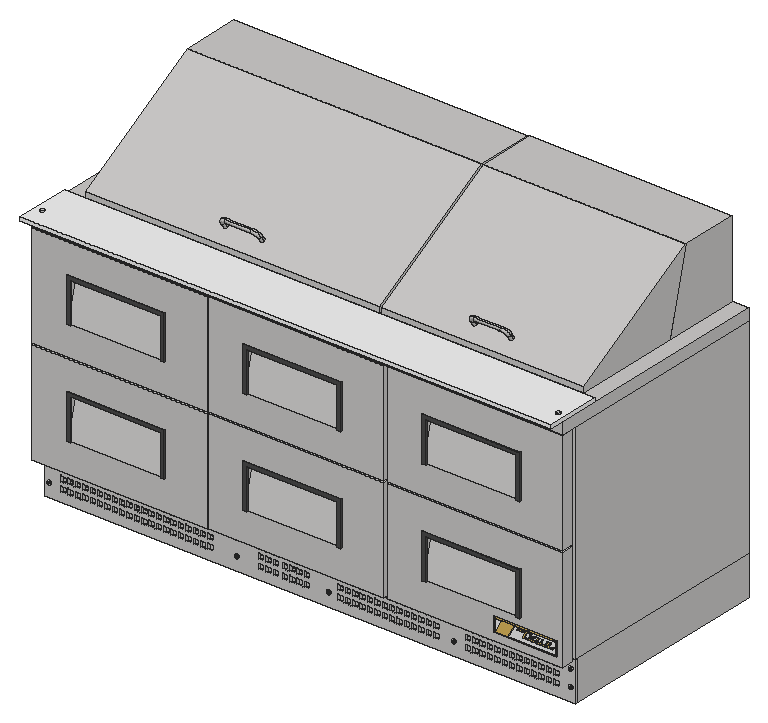
Revit family
Parameters
  Weight = "635"
  Watts = FL Amps * Volts  # 586.5 W
  Volts = 115 V
  URL Manufacturer = "www.truemfg.com"
  URL Cutsheet = "www.truemfg.com"
  URL = "www.truemfg.com"
  Type Mark [instance] = ""
  Status [instance] = ""
  Specification by User [instance] = ""
  Specification by Manufacturer = ""
  Show Logo [instance] = yes
  Show Clearance [instance] = yes
  Serial Number = ""
  Seismic Rating = ""
  SMACNA No = ""
  Revision Code [instance] = ""
  Phase = 1
  Omniclass Number and Title = ""
  Number of Poles [instance] = 1
  NAFEM Spec ID Number = ""
  Model = "TFP-72-30M-D-6"
  Min Ckt Ampacity = 0 A
  Max Overcurrent Protection = 0 A
  MasterSpec. = ""
  Manufacturer = "TRUE FOOD SERVICE EQUIPMENT, INC."
  Item Number [instance] = ""
  Installed By [instance] = ""
  Identify Quantity as Lot [instance] = yes
  HP = "1/3"
  Furnished By [instance] = ""
  Foodservice Equipment Identifier [instance] = yes
  FL Amps = 5.1 A
  Electrical Remarks [instance] = ""
  Electric Connection Type [instance] = ""
  Elec Conn RI Height [instance] = 0"
  Elec Conn Connection Height [instance] = 0"
  Description = "DRAWERED FOOD PREP UNIT"
  Cycle = 60 Hz
  Conn Plug = "5-15P"
  Conn Conduit = yes
  CSI MasterFormat = ""
  CSI Master Format = ""
  Apparent Power = if(Phase = 3, Volts * FL Amps * 1.73, Volts * FL Amps)  # 586.5 VA
Reference planes (in)
  plane 1 "BACK": y = -16.5
  plane 2: z = 0
  plane 3 "LEFT": x = 0
  plane 4 "RIGHT": x = 72.125
  plane 5 "FRONT": y = -50.03125
  plane 6 "TOP": z = 46.5
  plane 7: x = 64.125
  plane 8: x = 21.1875
  plane 9: x = 72.125
  plane 10: x = 56.1875
  plane 11: y = -72.375
Forms (in)
  Extrusion 1, solid, material "QF_Finishes_Stainless Steel"
    sketch origin (5.23438, 0, 0) x (0, 1, 0) y (0, 0, 1)
      loop
        line (-16.5, 36) -> (-16.5, 46.5) -> (-24.34375, 46.5) -> (-27.1875, 36) -> (-16.5, 36)
    from -3.01563 to 36.95313
  Extrusion 2, solid, material "QF_Finishes_Stainless Steel"
    sketch origin (2.15638, 0, 0) x (0, 1, 0) y (0, 0, 1)
      loop
        line (-27.1875, 36) -> (-24.34375, 46.5) -> (-41.71875, 36.68893) -> (-41.71875, 36) -> (-27.1875, 36)
    from 0.06237 to 40.03112
  Extrusion 3, solid, material "QF_Finishes_Stainless Steel"
    sketch origin (0, 0, 0) x (0, 1, 0) y (0, 0, 1)
      loop
        line (-48, 36) -> (-48, 34.40823) -> (-16.5, 34.40823) -> (-16.5, 36) -> (-48, 36)
    from 0 to 72.125
  Extrusion 4, solid, material "QF_Finishes_Stainless Steel"
    sketch origin (0, 0, 0) x (0, 1, 0) y (0, 0, 1)
      loop
        line (-45.87, 34.40823) -> (-45.87, 6.04042) -> (-16.96875, 6.04042) -> (-16.96875, 3.25) -> (-45.12, 3.25) -> (-45.12, 1) -> (-45.62, 1) -> (-45.62, 0.75) -> (-44.87, 0.75) -> (-44.87, 3) -> (-16.96875, 3) -> (-16.96875, 0.75) -> (-16.5, 0.75) -> (-16.5, 34.40823) -> (-45.87, 34.40823)
    from 0 to 72.125
  Extrusion 5, solid, material "QF_Finishes_Stainless Steel"
    sketch origin (0, -16.5, 0) x (1, 0, 0) y (0, 0, 1)
      loop
        line (0, 0.75) -> (0.53645, 0.75) -> (0.53645, 6.04042) -> (0, 6.04042) -> (0, 0.75)
    from 0 to 29.12
  Extrusion 6, solid, material "QF_Finishes_White"
    sketch origin (0, 0, 0) x (0, 1, 0) y (0, 0, 1)
      loop
        line (-50.03125, 36.5) -> (-50.03125, 36) -> (-42.53125, 36) -> (-42.53125, 36.5) -> (-50.03125, 36.5)
    from 0 to 72.125
  Sweep 7, solid, material "QF_Finishes_Stainless Steel"
    path origin (5.98818, -19.52146, 7.92906) x (1, 0, 0) y (0, -0.560766, 0.827974)
      loop
        line (18.42574, 36.0969) -> (18.42574, 36.8469)
        arc (18.42574, 36.8469) -> (18.29892, 37.15309) -> (17.99273, 37.27992) r 0.43301
        line (17.99273, 37.27992) -> (14.37051, 37.27992)
        arc (14.37051, 37.27992) -> (14.06433, 37.15309) -> (13.9375, 36.8469) r 0.43301
        line (13.9375, 36.8469) -> (13.9375, 36.0969)
    profile origin (19.92568, -39.97367, 38.12686) x (1, 0, 0) y (0, -0.827974, -0.560766)
      loop
        circle (-0.25, 0) r 0.25
  Extrusion 8, solid, material "QF_Finishes_Handrails and Railings"
    sketch origin (0, -45.87, 0) x (1, 0, 0) y (0, 0, 1)
      loop
        circle (0.625, 4.80001) r 0.25
      loop
        circle (0.625, 2.55001) r 0.25
      loop
        line (0.60938, 4.93254) -> (0.60938, 4.81564) -> (0.49788, 4.81564) -> (0.49788, 4.78439) -> (0.60938, 4.78439) -> (0.60938, 4.66749) -> (0.64063, 4.66749) -> (0.64063, 4.78439) -> (0.75212, 4.78439) -> (0.75212, 4.81564) -> (0.64063, 4.81564) -> (0.64063, 4.93254) -> (0.60938, 4.93254)
      loop
        line (0.60937, 2.68254) -> (0.60937, 2.56564) -> (0.49788, 2.56564) -> (0.49788, 2.53439) -> (0.60937, 2.53439) -> (0.60937, 2.41749) -> (0.64062, 2.41749) -> (0.64062, 2.53439) -> (0.75212, 2.53439) -> (0.75212, 2.56564) -> (0.64062, 2.56564) -> (0.64062, 2.68254) -> (0.60937, 2.68254)
    from 0 to 0.0625
  Extrusion 9, solid, material "QF_Finishes_Satin - Goldenrod", visible <- "Show Logo"
    sketch origin (61.86083, -13.23203, -22.37075) x (1, 0, 0) y (0, 0, 1)
      loop
        line (4.18351, 31.09206) -> (4.10478, 30.92323) -> (5.15208, 30.92323)
        arc (5.15208, 30.92323) -> (5.17333, 30.88564) -> (5.15208, 30.84805) r 0.04386
        line (5.15208, 30.84805) -> (4.87892, 30.26228)
        arc (4.87892, 30.26228) -> (4.87656, 30.20802) -> (4.91325, 30.16798) r 0.07096
        line (4.91325, 30.16798) -> (5.5829, 30.16798)
        arc (5.5829, 30.16798) -> (5.66746, 30.19464) -> (5.72144, 30.26498) r 0.14742
        line (5.72144, 30.26498) -> (5.9364, 30.72597) -> (6.1339, 30.72597)
        arc (6.1339, 30.72597) -> (6.18572, 30.70692) -> (6.17822, 30.65222) r 0.04405
        line (6.17822, 30.65222) -> (5.99835, 30.26649)
        arc (5.99835, 30.26649) -> (6.00115, 30.20243) -> (6.05523, 30.16798) r 0.06943
        line (6.05523, 30.16798) -> (6.64365, 30.16798)
        arc (6.64365, 30.16798) -> (6.68873, 30.18439) -> (6.71272, 30.22594) r 0.07014
        arc (6.71272, 30.22594) -> (6.7297, 30.18495) -> (6.77068, 30.16798) r 0.05796
        line (6.77068, 30.16798) -> (7.14325, 30.16798)
        arc (7.14325, 30.16798) -> (7.18629, 30.17951) -> (7.2178, 30.21102) r 0.08608
        arc (7.2178, 30.21102) -> (7.23289, 30.1746) -> (7.26931, 30.15952) r 0.0515
        line (7.26931, 30.15952) -> (7.79882, 30.15952)
        arc (7.79882, 30.15952) -> (7.84211, 30.17745) -> (7.86005, 30.22074) r 0.06122
        arc (7.86005, 30.22074) -> (7.89973, 30.18105) -> (7.95394, 30.16653) r 0.10842
        line (7.95394, 30.16653) -> (8.94586, 30.16653) -> (9.05604, 30.35737) -> (8.05555, 30.35737)
        arc (8.05555, 30.35737) -> (8.02794, 30.37652) -> (8.02691, 30.41011) r 0.03732
        line (8.02691, 30.41011) -> (8.04422, 30.44722)
        arc (8.04422, 30.44722) -> (8.07079, 30.48203) -> (8.11255, 30.49524) r 0.07263
        line (8.11255, 30.49524) -> (8.43414, 30.49524)
        arc (8.43414, 30.49524) -> (8.50355, 30.51383) -> (8.55436, 30.56465) r 0.13882
        line (8.55436, 30.56465) -> (8.6475, 30.72597)
        arc (8.6475, 30.72597) -> (8.6475, 30.81208) -> (8.57293, 30.85513) r 0.08611
        line (8.57293, 30.85513) -> (8.23352, 30.85513)
        arc (8.23352, 30.85513) -> (8.14699, 30.84044) -> (8.08663, 30.77673) r 0.13863
        line (8.08663, 30.77673) -> (7.92534, 30.43083)
        arc (7.92534, 30.43083) -> (7.87774, 30.3688) -> (7.80316, 30.34528) r 0.13002
        line (7.80316, 30.34528) -> (7.45109, 30.34528)
        arc (7.45109, 30.34528) -> (7.40895, 30.39128) -> (7.41167, 30.4536) r 0.08151
        line (7.41167, 30.4536) -> (7.59891, 30.85513) -> (7.47974, 30.85513) -> (7.28137, 30.42972)
        arc (7.28137, 30.42972) -> (7.24283, 30.37949) -> (7.18244, 30.36046) r 0.10527
        line (7.18244, 30.36046) -> (6.93967, 30.36046)
        arc (6.93967, 30.36046) -> (6.89865, 30.41392) -> (6.90744, 30.48073) r 0.08805
        line (6.90744, 30.48073) -> (7.08203, 30.85513) -> (6.95897, 30.85513) -> (6.75801, 30.42418)
        arc (6.75801, 30.42418) -> (6.71136, 30.37753) -> (6.64764, 30.36046) r 0.12745
        line (6.64764, 30.36046) -> (6.29609, 30.36046)
        arc (6.29609, 30.36046) -> (6.23295, 30.3899) -> (6.22688, 30.4593) r 0.06967
        line (6.22688, 30.4593) -> (6.34243, 30.70711) -> (6.50577, 30.70711)
        arc (6.50577, 30.70711) -> (6.53334, 30.79018) -> (6.592, 30.85513) r 0.21289
        line (6.592, 30.85513) -> (5.95369, 30.85513)
        arc (5.95369, 30.85513) -> (5.88276, 30.83941) -> (5.83367, 30.78584) r 0.12081
        line (5.83367, 30.78584) -> (5.66065, 30.4148)
        arc (5.66065, 30.4148) -> (5.62087, 30.37502) -> (5.56653, 30.36046) r 0.10869
        line (5.56653, 30.36046) -> (5.18545, 30.36046)
        arc (5.18545, 30.36046) -> (5.15571, 30.40065) -> (5.16137, 30.45033) r 0.06822
        line (5.16137, 30.45033) -> (5.41281, 30.92323) -> (6.04721, 30.92323) -> (6.12594, 31.09206) -> (5.49154, 31.09206) -> (5.57027, 31.2609) -> (5.34459, 31.2609) -> (5.26586, 31.09206) -> (4.18351, 31.09206)
      loop
        arc (8.19062, 30.70184) -> (8.16316, 30.69448) -> (8.14305, 30.67438) r 0.05494
        line (8.14305, 30.67438) -> (8.12672, 30.62415)
        arc (8.12672, 30.62415) -> (8.13429, 30.60587) -> (8.15258, 30.59829) r 0.02586
        line (8.15258, 30.59829) -> (8.43014, 30.59829)
        arc (8.43014, 30.59829) -> (8.45013, 30.60273) -> (8.46638, 30.6152) r 0.04731
        line (8.46638, 30.6152) -> (8.47988, 30.6777)
        arc (8.47988, 30.6777) -> (8.47591, 30.69443) -> (8.46039, 30.70184) r 0.01994
        line (8.46039, 30.70184) -> (8.19062, 30.70184)
      loop
        line (1.13539, 29.6475) -> (2.84485, 29.6475) -> (3.77016, 31.25018) -> (2.0607, 31.25018) -> (1.13539, 29.6475)
    from 34.76797 to 34.83173
  Extrusion 10, solid, material "QF_Finishes_White", visible <- "Show Logo"
    sketch origin (-2.64127, -13.25, -25.21535) x (1, 0, 0) y (0, 0, 1)
      loop
        line (73.84232, 34.15728) -> (65.51732, 34.15728) -> (65.51732, 32.4296) -> (73.84232, 32.4296) -> (73.84232, 34.15728)
    from 34.75 to 34.76797
  Extrusion 11, solid, material "QF_Finishes_Satin - Goldenrod", visible <- "Show Logo"
    sketch origin (-2.64127, -13.25, -25.21535) x (1, 0, 0) y (0, 0, 1)
      loop
        line (73.97982, 34.29477) -> (65.37982, 34.29477) -> (65.37982, 32.2921) -> (73.97982, 32.2921) -> (73.97982, 34.29477)
      loop
        line (65.51732, 34.15728) -> (65.51732, 32.4296) -> (73.84232, 32.4296) -> (73.84232, 34.15728) -> (65.51732, 34.15728)
    from 34.75 to 34.80335
  Revolve 12, solid, material "QF_Finishes_Black"
    sketch origin (1.76401, -42.04829, 0.25) x (1, 0, 0) y (0, 0, 1)
      loop
        line (2.62908, 2.14592) -> (2.525, 2.25) -> (1.475, 2.25) -> (1.375, 2.15) -> (1.375, 1.10871) -> (1.05969, 1.10871) -> (1.05969, 1) -> (2.94031, 1) -> (2.94031, 1.10871) -> (2.62908, 1.10871) -> (2.62908, 2.14592)
      axis (2.94031, 1) -> (1.05969, 1)
    angle from 0 to 360
  Revolve 13, solid, material "QF_Finishes_Chrome - Satin"
    sketch origin (1.76605, -42.79776, -2.97972) x (1, 0, 0) y (0, 0, 1)
      loop
        line (2, 5.74546) -> (2, 5.97972) -> (0.70293, 5.97972) -> (0.70293, 5.74546) -> (2, 5.74546)
      axis (2, 5.74546) -> (2, 5.97972)
    angle from 0 to 360
  Extrusion 14, solid, material "QF_Finishes_Handrails and Railings"
    sketch origin (-46.0152, -14.33096, -2.47972) x (0, 1, 0) y (0, 0, 1)
      loop
        line (-29.85761, 5.24546) -> (-29.85761, 5.04886) -> (-27.1095, 5.04886) -> (-27.1095, 5.24546) -> (-29.85761, 5.24546)
    from 49.10625 to 50.45625
  Extrusion 15, solid, material "QF_Finishes_Handrails and Railings"
    sketch origin (1.76605, -12.67471, -2.21999) x (0, 1, 0) y (0, 0, 1)
      loop
        line (-31.51386, 4.98574) -> (-31.51386, 4.78914) -> (-31.17057, 4.78914) -> (-29.89421, 3.10275)
        arc (-29.89421, 3.10275) -> (-29.21858, 2.8289) -> (-28.76575, 3.40024) r 0.60806
        line (-28.76575, 3.40024) -> (-28.76575, 4.98574) -> (-31.51386, 4.98574)
    from 1.175 to 1.325
  Extrusion 16, solid, material "QF_Finishes_Handrails and Railings"
    sketch origin (5.76605, -12.67471, -2.21999) x (0, 1, 0) y (0, 0, -1)
      loop
        line (-31.51386, -4.98574) -> (-28.76575, -4.98574) -> (-28.76575, -3.40024)
        arc (-28.76575, -3.40024) -> (-29.21858, -2.8289) -> (-29.89421, -3.10275) r 0.60806
        line (-29.89421, -3.10275) -> (-31.17057, -4.78914) -> (-31.51386, -4.78914) -> (-31.51386, -4.98574)
    from 1.175 to 1.325
  Revolve 17, solid, material "QF_Finishes_Black"
    sketch origin (1.76401, -18.86079, 0.25) x (1, 0, 0) y (0, 0, 1)
      loop
        line (2.62908, 2.14592) -> (2.525, 2.25) -> (1.475, 2.25) -> (1.375, 2.15) -> (1.375, 1.10871) -> (1.05969, 1.10871) -> (1.05969, 1) -> (2.94031, 1) -> (2.94031, 1.10871) -> (2.62908, 1.10871) -> (2.62908, 2.14592)
      axis (2.94031, 1) -> (1.05969, 1)
    angle from 0 to 360
  Revolve 18, solid, material "QF_Finishes_Chrome - Satin"
    sketch origin (1.76605, -19.61026, -2.97972) x (1, 0, 0) y (0, 0, 1)
      loop
        line (2, 5.74546) -> (2, 5.97972) -> (0.70293, 5.97972) -> (0.70293, 5.74546) -> (2, 5.74546)
      axis (2, 5.74546) -> (2, 5.97972)
    angle from 0 to 360
  Extrusion 19, solid, material "QF_Finishes_Handrails and Railings"
    sketch origin (-46.0152, 8.85654, -2.47972) x (0, 1, 0) y (0, 0, 1)
      loop
        line (-29.85761, 5.24546) -> (-29.85761, 5.04886) -> (-27.1095, 5.04886) -> (-27.1095, 5.24546) -> (-29.85761, 5.24546)
    from 49.10625 to 50.45625
  Extrusion 20, solid, material "QF_Finishes_Handrails and Railings"
    sketch origin (1.76605, 10.51279, -2.21999) x (0, 1, 0) y (0, 0, 1)
      loop
        line (-31.51386, 4.98574) -> (-31.51386, 4.78914) -> (-31.17057, 4.78914) -> (-29.89421, 3.10275)
        arc (-29.89421, 3.10275) -> (-29.21858, 2.8289) -> (-28.76575, 3.40024) r 0.60806
        line (-28.76575, 3.40024) -> (-28.76575, 4.98574) -> (-31.51386, 4.98574)
    from 1.175 to 1.325
  Extrusion 21, solid, material "QF_Finishes_Handrails and Railings"
    sketch origin (5.76605, 10.51279, -2.21999) x (0, 1, 0) y (0, 0, -1)
      loop
        line (-31.51386, -4.98574) -> (-28.76575, -4.98574) -> (-28.76575, -3.40024)
        arc (-28.76575, -3.40024) -> (-29.21858, -2.8289) -> (-29.89421, -3.10275) r 0.60806
        line (-29.89421, -3.10275) -> (-31.17057, -4.78914) -> (-31.51386, -4.78914) -> (-31.51386, -4.98574)
    from 1.175 to 1.325
  Extrusion 22, solid, material "QF_Finishes_Stainless Steel"
    sketch origin (40, -16.5, 0) x (1, 0, 0) y (0, 0, 1)
      loop
        circle (29.81237, 6.1875) r 0.25
    from 0 to 0.125
  Extrusion 23, solid, material "QF_Finishes_Handrails and Railings"
    sketch origin (0, 0, 36.5) x (1, 0, 0) y (0, 1, 0)
      loop
        circle (1, -47.5255) r 0.25
    from 0 to 0.0625
  Extrusion 24, solid, material "QF_Finishes_Stainless Steel"
    sketch origin (8, -16, 0) x (1, 0, 0) y (0, 0, 1)
      loop
        line (-8, 0.75) -> (64.125, 0.75) -> (64.125, 6.05001) -> (-8, 6.05001) -> (-8, 0.75)
      loop
        line (-5.8125, 5.23339) -> (-5.8125, 4.48339) -> (-5.0625, 4.48339) -> (-5.0625, 5.23339) -> (-5.8125, 5.23339)
      loop
        line (-3.8125, 5.23339) -> (-3.8125, 4.48339) -> (-3.0625, 4.48339) -> (-3.0625, 5.23339) -> (-3.8125, 5.23339)
      loop
        line (-1.8125, 5.23339) -> (-1.8125, 4.48339) -> (-1.0625, 4.48339) -> (-1.0625, 5.23339) -> (-1.8125, 5.23339)
      loop
        line (0.1875, 5.23339) -> (0.1875, 4.48339) -> (0.9375, 4.48339) -> (0.9375, 5.23339) -> (0.1875, 5.23339)
      loop
        line (2.1875, 5.23339) -> (2.1875, 4.48339) -> (2.9375, 4.48339) -> (2.9375, 5.23339) -> (2.1875, 5.23339)
      loop
        line (4.1875, 5.23339) -> (4.1875, 4.48339) -> (4.9375, 4.48339) -> (4.9375, 5.23339) -> (4.1875, 5.23339)
      loop
        line (6.1875, 5.23339) -> (6.1875, 4.48339) -> (6.9375, 4.48339) -> (6.9375, 5.23339) -> (6.1875, 5.23339)
      loop
        line (-5.8125, 3.98339) -> (-5.8125, 3.23339) -> (-5.0625, 3.23339) -> (-5.0625, 3.98339) -> (-5.8125, 3.98339)
      loop
        line (-3.8125, 3.98339) -> (-3.8125, 3.23339) -> (-3.0625, 3.23339) -> (-3.0625, 3.98339) -> (-3.8125, 3.98339)
      loop
        line (-1.8125, 3.98339) -> (-1.8125, 3.23339) -> (-1.0625, 3.23339) -> (-1.0625, 3.98339) -> (-1.8125, 3.98339)
      loop
        line (0.1875, 3.98339) -> (0.1875, 3.23339) -> (0.9375, 3.23339) -> (0.9375, 3.98339) -> (0.1875, 3.98339)
      loop
        line (2.1875, 3.98339) -> (2.1875, 3.23339) -> (2.9375, 3.23339) -> (2.9375, 3.98339) -> (2.1875, 3.98339)
      loop
        line (4.1875, 3.98339) -> (4.1875, 3.23339) -> (4.9375, 3.23339) -> (4.9375, 3.98339) -> (4.1875, 3.98339)
      loop
        line (6.1875, 3.98339) -> (6.1875, 3.23339) -> (6.9375, 3.23339) -> (6.9375, 3.98339) -> (6.1875, 3.98339)
      loop
        line (-5.8125, 2.73339) -> (-5.8125, 1.98339) -> (-5.0625, 1.98339) -> (-5.0625, 2.73339) -> (-5.8125, 2.73339)
      loop
        line (-3.8125, 2.73339) -> (-3.8125, 1.98339) -> (-3.0625, 1.98339) -> (-3.0625, 2.73339) -> (-3.8125, 2.73339)
      loop
        line (-1.8125, 2.73339) -> (-1.8125, 1.98339) -> (-1.0625, 1.98339) -> (-1.0625, 2.73339) -> (-1.8125, 2.73339)
      loop
        line (0.1875, 2.73339) -> (0.1875, 1.98339) -> (0.9375, 1.98339) -> (0.9375, 2.73339) -> (0.1875, 2.73339)
      loop
        line (2.1875, 2.73339) -> (2.1875, 1.98339) -> (2.9375, 1.98339) -> (2.9375, 2.73339) -> (2.1875, 2.73339)
      loop
        line (4.1875, 2.73339) -> (4.1875, 1.98339) -> (4.9375, 1.98339) -> (4.9375, 2.73339) -> (4.1875, 2.73339)
      loop
        line (6.1875, 2.73339) -> (6.1875, 1.98339) -> (6.9375, 1.98339) -> (6.9375, 2.73339) -> (6.1875, 2.73339)
      loop
        line (-4.8125, 5.23339) -> (-4.8125, 4.48339) -> (-4.0625, 4.48339) -> (-4.0625, 5.23339) -> (-4.8125, 5.23339)
      loop
        line (-4.8125, 3.98339) -> (-4.8125, 3.23339) -> (-4.0625, 3.23339) -> (-4.0625, 3.98339) -> (-4.8125, 3.98339)
      loop
        line (-4.8125, 2.73339) -> (-4.8125, 1.98339) -> (-4.0625, 1.98339) -> (-4.0625, 2.73339) -> (-4.8125, 2.73339)
      loop
        line (-2.8125, 5.23339) -> (-2.8125, 4.48339) -> (-2.0625, 4.48339) -> (-2.0625, 5.23339) -> (-2.8125, 5.23339)
      loop
        line (-2.8125, 3.98339) -> (-2.8125, 3.23339) -> (-2.0625, 3.23339) -> (-2.0625, 3.98339) -> (-2.8125, 3.98339)
      loop
        line (-2.8125, 2.73339) -> (-2.8125, 1.98339) -> (-2.0625, 1.98339) -> (-2.0625, 2.73339) -> (-2.8125, 2.73339)
      loop
        line (-0.8125, 5.23339) -> (-0.8125, 4.48339) -> (-0.0625, 4.48339) -> (-0.0625, 5.23339) -> (-0.8125, 5.23339)
      loop
        line (-0.8125, 3.98339) -> (-0.8125, 3.23339) -> (-0.0625, 3.23339) -> (-0.0625, 3.98339) -> (-0.8125, 3.98339)
      loop
        line (-0.8125, 2.73339) -> (-0.8125, 1.98339) -> (-0.0625, 1.98339) -> (-0.0625, 2.73339) -> (-0.8125, 2.73339)
      loop
        line (1.1875, 5.23339) -> (1.1875, 4.48339) -> (1.9375, 4.48339) -> (1.9375, 5.23339) -> (1.1875, 5.23339)
      loop
        line (1.1875, 3.98339) -> (1.1875, 3.23339) -> (1.9375, 3.23339) -> (1.9375, 3.98339) -> (1.1875, 3.98339)
      loop
        line (1.1875, 2.73339) -> (1.1875, 1.98339) -> (1.9375, 1.98339) -> (1.9375, 2.73339) -> (1.1875, 2.73339)
      loop
        line (3.1875, 5.23339) -> (3.1875, 4.48339) -> (3.9375, 4.48339) -> (3.9375, 5.23339) -> (3.1875, 5.23339)
      loop
        line (3.1875, 3.98339) -> (3.1875, 3.23339) -> (3.9375, 3.23339) -> (3.9375, 3.98339) -> (3.1875, 3.98339)
      loop
        line (3.1875, 2.73339) -> (3.1875, 1.98339) -> (3.9375, 1.98339) -> (3.9375, 2.73339) -> (3.1875, 2.73339)
      loop
        line (5.1875, 5.23339) -> (5.1875, 4.48339) -> (5.9375, 4.48339) -> (5.9375, 5.23339) -> (5.1875, 5.23339)
      loop
        line (5.1875, 3.98339) -> (5.1875, 3.23339) -> (5.9375, 3.23339) -> (5.9375, 3.98339) -> (5.1875, 3.98339)
      loop
        line (5.1875, 2.73339) -> (5.1875, 1.98339) -> (5.9375, 1.98339) -> (5.9375, 2.73339) -> (5.1875, 2.73339)
      loop
        line (8.1875, 5.23339) -> (8.1875, 4.48339) -> (8.9375, 4.48339) -> (8.9375, 5.23339) -> (8.1875, 5.23339)
      loop
        line (10.1875, 5.23339) -> (10.1875, 4.48339) -> (10.9375, 4.48339) -> (10.9375, 5.23339) -> (10.1875, 5.23339)
      loop
        line (8.1875, 3.98339) -> (8.1875, 3.23339) -> (8.9375, 3.23339) -> (8.9375, 3.98339) -> (8.1875, 3.98339)
      loop
        line (10.1875, 3.98339) -> (10.1875, 3.23339) -> (10.9375, 3.23339) -> (10.9375, 3.98339) -> (10.1875, 3.98339)
      loop
        line (8.1875, 2.73339) -> (8.1875, 1.98339) -> (8.9375, 1.98339) -> (8.9375, 2.73339) -> (8.1875, 2.73339)
      loop
        line (10.1875, 2.73339) -> (10.1875, 1.98339) -> (10.9375, 1.98339) -> (10.9375, 2.73339) -> (10.1875, 2.73339)
      loop
        line (7.1875, 5.23339) -> (7.1875, 4.48339) -> (7.9375, 4.48339) -> (7.9375, 5.23339) -> (7.1875, 5.23339)
      loop
        line (7.1875, 3.98339) -> (7.1875, 3.23339) -> (7.9375, 3.23339) -> (7.9375, 3.98339) -> (7.1875, 3.98339)
      loop
        line (7.1875, 2.73339) -> (7.1875, 1.98339) -> (7.9375, 1.98339) -> (7.9375, 2.73339) -> (7.1875, 2.73339)
      loop
        line (9.1875, 5.23339) -> (9.1875, 4.48339) -> (9.9375, 4.48339) -> (9.9375, 5.23339) -> (9.1875, 5.23339)
      loop
        line (9.1875, 3.98339) -> (9.1875, 3.23339) -> (9.9375, 3.23339) -> (9.9375, 3.98339) -> (9.1875, 3.98339)
      loop
        line (9.1875, 2.73339) -> (9.1875, 1.98339) -> (9.9375, 1.98339) -> (9.9375, 2.73339) -> (9.1875, 2.73339)
      loop
        line (11.1875, 5.23339) -> (11.1875, 4.48339) -> (11.9375, 4.48339) -> (11.9375, 5.23339) -> (11.1875, 5.23339)
      loop
        line (11.1875, 3.98339) -> (11.1875, 3.23339) -> (11.9375, 3.23339) -> (11.9375, 3.98339) -> (11.1875, 3.98339)
      loop
        line (11.1875, 2.73339) -> (11.1875, 1.98339) -> (11.9375, 1.98339) -> (11.9375, 2.73339) -> (11.1875, 2.73339)
      loop
        line (24.3125, 5.23339) -> (24.3125, 4.48339) -> (25.0625, 4.48339) -> (25.0625, 5.23339) -> (24.3125, 5.23339)
      loop
        line (26.3125, 5.23339) -> (26.3125, 4.48339) -> (27.0625, 4.48339) -> (27.0625, 5.23339) -> (26.3125, 5.23339)
      loop
        line (31.875, 5.23339) -> (31.875, 4.48339) -> (32.625, 4.48339) -> (32.625, 5.23339) -> (31.875, 5.23339)
      loop
        line (33.875, 5.23339) -> (33.875, 4.48339) -> (34.625, 4.48339) -> (34.625, 5.23339) -> (33.875, 5.23339)
      loop
        line (35.875, 5.23339) -> (35.875, 4.48339) -> (36.625, 4.48339) -> (36.625, 5.23339) -> (35.875, 5.23339)
      loop
        line (37.875, 5.23339) -> (37.875, 4.48339) -> (38.625, 4.48339) -> (38.625, 5.23339) -> (37.875, 5.23339)
      loop
        line (39.875, 5.23339) -> (39.875, 4.48339) -> (40.625, 4.48339) -> (40.625, 5.23339) -> (39.875, 5.23339)
      loop
        line (24.3125, 3.98339) -> (24.3125, 3.23339) -> (25.0625, 3.23339) -> (25.0625, 3.98339) -> (24.3125, 3.98339)
      loop
        line (26.3125, 3.98339) -> (26.3125, 3.23339) -> (27.0625, 3.23339) -> (27.0625, 3.98339) -> (26.3125, 3.98339)
      loop
        line (31.875, 3.98339) -> (31.875, 3.23339) -> (32.625, 3.23339) -> (32.625, 3.98339) -> (31.875, 3.98339)
      loop
        line (33.875, 3.98339) -> (33.875, 3.23339) -> (34.625, 3.23339) -> (34.625, 3.98339) -> (33.875, 3.98339)
      loop
        line (35.875, 3.98339) -> (35.875, 3.23339) -> (36.625, 3.23339) -> (36.625, 3.98339) -> (35.875, 3.98339)
      loop
        line (37.875, 3.98339) -> (37.875, 3.23339) -> (38.625, 3.23339) -> (38.625, 3.98339) -> (37.875, 3.98339)
      loop
        line (39.875, 3.98339) -> (39.875, 3.23339) -> (40.625, 3.23339) -> (40.625, 3.98339) -> (39.875, 3.98339)
      loop
        line (24.3125, 2.73339) -> (24.3125, 1.98339) -> (25.0625, 1.98339) -> (25.0625, 2.73339) -> (24.3125, 2.73339)
      loop
        line (26.3125, 2.73339) -> (26.3125, 1.98339) -> (27.0625, 1.98339) -> (27.0625, 2.73339) -> (26.3125, 2.73339)
      loop
        line (31.875, 2.73339) -> (31.875, 1.98339) -> (32.625, 1.98339) -> (32.625, 2.73339) -> (31.875, 2.73339)
      loop
        line (33.875, 2.73339) -> (33.875, 1.98339) -> (34.625, 1.98339) -> (34.625, 2.73339) -> (33.875, 2.73339)
      loop
        line (35.875, 2.73339) -> (35.875, 1.98339) -> (36.625, 1.98339) -> (36.625, 2.73339) -> (35.875, 2.73339)
      loop
        line (37.875, 2.73339) -> (37.875, 1.98339) -> (38.625, 1.98339) -> (38.625, 2.73339) -> (37.875, 2.73339)
      loop
        line (39.875, 2.73339) -> (39.875, 1.98339) -> (40.625, 1.98339) -> (40.625, 2.73339) -> (39.875, 2.73339)
      loop
        line (25.3125, 5.23339) -> (25.3125, 4.48339) -> (26.0625, 4.48339) -> (26.0625, 5.23339) -> (25.3125, 5.23339)
      loop
        line (25.3125, 3.98339) -> (25.3125, 3.23339) -> (26.0625, 3.23339) -> (26.0625, 3.98339) -> (25.3125, 3.98339)
      loop
        line (25.3125, 2.73339) -> (25.3125, 1.98339) -> (26.0625, 1.98339) -> (26.0625, 2.73339) -> (25.3125, 2.73339)
      loop
        line (27.3125, 5.23339) -> (27.3125, 4.48339) -> (28.0625, 4.48339) -> (28.0625, 5.23339) -> (27.3125, 5.23339)
      loop
        line (27.3125, 3.98339) -> (27.3125, 3.23339) -> (28.0625, 3.23339) -> (28.0625, 3.98339) -> (27.3125, 3.98339)
      loop
        line (27.3125, 2.73339) -> (27.3125, 1.98339) -> (28.0625, 1.98339) -> (28.0625, 2.73339) -> (27.3125, 2.73339)
      loop
        line (32.875, 5.23339) -> (32.875, 4.48339) -> (33.625, 4.48339) -> (33.625, 5.23339) -> (32.875, 5.23339)
      loop
        line (32.875, 3.98339) -> (32.875, 3.23339) -> (33.625, 3.23339) -> (33.625, 3.98339) -> (32.875, 3.98339)
      loop
        line (32.875, 2.73339) -> (32.875, 1.98339) -> (33.625, 1.98339) -> (33.625, 2.73339) -> (32.875, 2.73339)
      loop
        line (34.875, 5.23339) -> (34.875, 4.48339) -> (35.625, 4.48339) -> (35.625, 5.23339) -> (34.875, 5.23339)
      loop
        line (34.875, 3.98339) -> (34.875, 3.23339) -> (35.625, 3.23339) -> (35.625, 3.98339) -> (34.875, 3.98339)
      loop
        line (34.875, 2.73339) -> (34.875, 1.98339) -> (35.625, 1.98339) -> (35.625, 2.73339) -> (34.875, 2.73339)
      loop
        line (36.875, 5.23339) -> (36.875, 4.48339) -> (37.625, 4.48339) -> (37.625, 5.23339) -> (36.875, 5.23339)
      loop
        line (36.875, 3.98339) -> (36.875, 3.23339) -> (37.625, 3.23339) -> (37.625, 3.98339) -> (36.875, 3.98339)
      loop
        line (36.875, 2.73339) -> (36.875, 1.98339) -> (37.625, 1.98339) -> (37.625, 2.73339) -> (36.875, 2.73339)
      loop
        line (38.875, 5.23339) -> (38.875, 4.48339) -> (39.625, 4.48339) -> (39.625, 5.23339) -> (38.875, 5.23339)
      loop
        line (38.875, 3.98339) -> (38.875, 3.23339) -> (39.625, 3.23339) -> (39.625, 3.98339) -> (38.875, 3.98339)
      loop
        line (38.875, 2.73339) -> (38.875, 1.98339) -> (39.625, 1.98339) -> (39.625, 2.73339) -> (38.875, 2.73339)
      loop
        line (41.875, 5.23339) -> (41.875, 4.48339) -> (42.625, 4.48339) -> (42.625, 5.23339) -> (41.875, 5.23339)
      loop
        line (43.875, 5.23339) -> (43.875, 4.48339) -> (44.625, 4.48339) -> (44.625, 5.23339) -> (43.875, 5.23339)
      loop
        line (41.875, 3.98339) -> (41.875, 3.23339) -> (42.625, 3.23339) -> (42.625, 3.98339) -> (41.875, 3.98339)
      loop
        line (43.875, 3.98339) -> (43.875, 3.23339) -> (44.625, 3.23339) -> (44.625, 3.98339) -> (43.875, 3.98339)
      loop
        line (41.875, 2.73339) -> (41.875, 1.98339) -> (42.625, 1.98339) -> (42.625, 2.73339) -> (41.875, 2.73339)
      loop
        line (43.875, 2.73339) -> (43.875, 1.98339) -> (44.625, 1.98339) -> (44.625, 2.73339) -> (43.875, 2.73339)
      loop
        line (40.875, 5.23339) -> (40.875, 4.48339) -> (41.625, 4.48339) -> (41.625, 5.23339) -> (40.875, 5.23339)
      loop
        line (40.875, 3.98339) -> (40.875, 3.23339) -> (41.625, 3.23339) -> (41.625, 3.98339) -> (40.875, 3.98339)
      loop
        line (40.875, 2.73339) -> (40.875, 1.98339) -> (41.625, 1.98339) -> (41.625, 2.73339) -> (40.875, 2.73339)
      loop
        line (42.875, 5.23339) -> (42.875, 4.48339) -> (43.625, 4.48339) -> (43.625, 5.23339) -> (42.875, 5.23339)
      loop
        line (42.875, 3.98339) -> (42.875, 3.23339) -> (43.625, 3.23339) -> (43.625, 3.98339) -> (42.875, 3.98339)
      loop
        line (42.875, 2.73339) -> (42.875, 1.98339) -> (43.625, 1.98339) -> (43.625, 2.73339) -> (42.875, 2.73339)
      loop
        line (44.875, 5.23339) -> (44.875, 4.48339) -> (45.625, 4.48339) -> (45.625, 5.23339) -> (44.875, 5.23339)
      loop
        line (44.875, 3.98339) -> (44.875, 3.23339) -> (45.625, 3.23339) -> (45.625, 3.98339) -> (44.875, 3.98339)
      loop
        line (44.875, 2.73339) -> (44.875, 1.98339) -> (45.625, 1.98339) -> (45.625, 2.73339) -> (44.875, 2.73339)
      loop
        line (61.9375, 5.23339) -> (61.1875, 5.23339) -> (61.1875, 4.48339) -> (61.9375, 4.48339) -> (61.9375, 5.23339)
      loop
        line (59.9375, 5.23339) -> (59.1875, 5.23339) -> (59.1875, 4.48339) -> (59.9375, 4.48339) -> (59.9375, 5.23339)
      loop
        line (57.9375, 5.23339) -> (57.1875, 5.23339) -> (57.1875, 4.48339) -> (57.9375, 4.48339) -> (57.9375, 5.23339)
      loop
        line (55.9375, 5.23339) -> (55.1875, 5.23339) -> (55.1875, 4.48339) -> (55.9375, 4.48339) -> (55.9375, 5.23339)
      loop
        line (53.9375, 5.23339) -> (53.1875, 5.23339) -> (53.1875, 4.48339) -> (53.9375, 4.48339) -> (53.9375, 5.23339)
      loop
        line (51.9375, 5.23339) -> (51.1875, 5.23339) -> (51.1875, 4.48339) -> (51.9375, 4.48339) -> (51.9375, 5.23339)
      loop
        line (49.9375, 5.23339) -> (49.1875, 5.23339) -> (49.1875, 4.48339) -> (49.9375, 4.48339) -> (49.9375, 5.23339)
      loop
        line (61.9375, 3.98339) -> (61.1875, 3.98339) -> (61.1875, 3.23339) -> (61.9375, 3.23339) -> (61.9375, 3.98339)
      loop
        line (59.9375, 3.98339) -> (59.1875, 3.98339) -> (59.1875, 3.23339) -> (59.9375, 3.23339) -> (59.9375, 3.98339)
      loop
        line (57.9375, 3.98339) -> (57.1875, 3.98339) -> (57.1875, 3.23339) -> (57.9375, 3.23339) -> (57.9375, 3.98339)
      loop
        line (55.9375, 3.98339) -> (55.1875, 3.98339) -> (55.1875, 3.23339) -> (55.9375, 3.23339) -> (55.9375, 3.98339)
      loop
        line (53.9375, 3.98339) -> (53.1875, 3.98339) -> (53.1875, 3.23339) -> (53.9375, 3.23339) -> (53.9375, 3.98339)
      loop
        line (51.9375, 3.98339) -> (51.1875, 3.98339) -> (51.1875, 3.23339) -> (51.9375, 3.23339) -> (51.9375, 3.98339)
      loop
        line (49.9375, 3.98339) -> (49.1875, 3.98339) -> (49.1875, 3.23339) -> (49.9375, 3.23339) -> (49.9375, 3.98339)
      loop
        line (61.9375, 2.73339) -> (61.1875, 2.73339) -> (61.1875, 1.98339) -> (61.9375, 1.98339) -> (61.9375, 2.73339)
      loop
        line (59.9375, 2.73339) -> (59.1875, 2.73339) -> (59.1875, 1.98339) -> (59.9375, 1.98339) -> (59.9375, 2.73339)
      loop
        line (57.9375, 2.73339) -> (57.1875, 2.73339) -> (57.1875, 1.98339) -> (57.9375, 1.98339) -> (57.9375, 2.73339)
      loop
        line (55.9375, 2.73339) -> (55.1875, 2.73339) -> (55.1875, 1.98339) -> (55.9375, 1.98339) -> (55.9375, 2.73339)
      loop
        line (53.9375, 2.73339) -> (53.1875, 2.73339) -> (53.1875, 1.98339) -> (53.9375, 1.98339) -> (53.9375, 2.73339)
      loop
        line (51.9375, 2.73339) -> (51.1875, 2.73339) -> (51.1875, 1.98339) -> (51.9375, 1.98339) -> (51.9375, 2.73339)
      loop
        line (49.9375, 2.73339) -> (49.1875, 2.73339) -> (49.1875, 1.98339) -> (49.9375, 1.98339) -> (49.9375, 2.73339)
      loop
        line (60.9375, 5.23339) -> (60.1875, 5.23339) -> (60.1875, 4.48339) -> (60.9375, 4.48339) -> (60.9375, 5.23339)
      loop
        line (60.9375, 3.98339) -> (60.1875, 3.98339) -> (60.1875, 3.23339) -> (60.9375, 3.23339) -> (60.9375, 3.98339)
      loop
        line (60.9375, 2.73339) -> (60.1875, 2.73339) -> (60.1875, 1.98339) -> (60.9375, 1.98339) -> (60.9375, 2.73339)
      loop
        line (58.9375, 5.23339) -> (58.1875, 5.23339) -> (58.1875, 4.48339) -> (58.9375, 4.48339) -> (58.9375, 5.23339)
      loop
        line (58.9375, 3.98339) -> (58.1875, 3.98339) -> (58.1875, 3.23339) -> (58.9375, 3.23339) -> (58.9375, 3.98339)
      loop
        line (58.9375, 2.73339) -> (58.1875, 2.73339) -> (58.1875, 1.98339) -> (58.9375, 1.98339) -> (58.9375, 2.73339)
      loop
        line (56.9375, 5.23339) -> (56.1875, 5.23339) -> (56.1875, 4.48339) -> (56.9375, 4.48339) -> (56.9375, 5.23339)
      loop
        line (56.9375, 3.98339) -> (56.1875, 3.98339) -> (56.1875, 3.23339) -> (56.9375, 3.23339) -> (56.9375, 3.98339)
      loop
        line (56.9375, 2.73339) -> (56.1875, 2.73339) -> (56.1875, 1.98339) -> (56.9375, 1.98339) -> (56.9375, 2.73339)
      loop
        line (54.9375, 5.23339) -> (54.1875, 5.23339) -> (54.1875, 4.48339) -> (54.9375, 4.48339) -> (54.9375, 5.23339)
      loop
        line (54.9375, 3.98339) -> (54.1875, 3.98339) -> (54.1875, 3.23339) -> (54.9375, 3.23339) -> (54.9375, 3.98339)
      loop
        line (54.9375, 2.73339) -> (54.1875, 2.73339) -> (54.1875, 1.98339) -> (54.9375, 1.98339) -> (54.9375, 2.73339)
      loop
        line (52.9375, 5.23339) -> (52.1875, 5.23339) -> (52.1875, 4.48339) -> (52.9375, 4.48339) -> (52.9375, 5.23339)
      loop
        line (52.9375, 3.98339) -> (52.1875, 3.98339) -> (52.1875, 3.23339) -> (52.9375, 3.23339) -> (52.9375, 3.98339)
      loop
        line (52.9375, 2.73339) -> (52.1875, 2.73339) -> (52.1875, 1.98339) -> (52.9375, 1.98339) -> (52.9375, 2.73339)
      loop
        line (50.9375, 5.23339) -> (50.1875, 5.23339) -> (50.1875, 4.48339) -> (50.9375, 4.48339) -> (50.9375, 5.23339)
      loop
        line (50.9375, 3.98339) -> (50.1875, 3.98339) -> (50.1875, 3.23339) -> (50.9375, 3.23339) -> (50.9375, 3.98339)
      loop
        line (50.9375, 2.73339) -> (50.1875, 2.73339) -> (50.1875, 1.98339) -> (50.9375, 1.98339) -> (50.9375, 2.73339)
      loop
        line (13.1875, 5.23339) -> (13.1875, 4.48339) -> (13.9375, 4.48339) -> (13.9375, 5.23339) -> (13.1875, 5.23339)
      loop
        line (13.1875, 3.98339) -> (13.1875, 3.23339) -> (13.9375, 3.23339) -> (13.9375, 3.98339) -> (13.1875, 3.98339)
      loop
        line (13.1875, 2.73339) -> (13.1875, 1.98339) -> (13.9375, 1.98339) -> (13.9375, 2.73339) -> (13.1875, 2.73339)
      loop
        line (12.1875, 5.23339) -> (12.1875, 4.48339) -> (12.9375, 4.48339) -> (12.9375, 5.23339) -> (12.1875, 5.23339)
      loop
        line (12.1875, 3.98339) -> (12.1875, 3.23339) -> (12.9375, 3.23339) -> (12.9375, 3.98339) -> (12.1875, 3.98339)
      loop
        line (12.1875, 2.73339) -> (12.1875, 1.98339) -> (12.9375, 1.98339) -> (12.9375, 2.73339) -> (12.1875, 2.73339)
      loop
        line (14.1875, 5.23339) -> (14.1875, 4.48339) -> (14.9375, 4.48339) -> (14.9375, 5.23339) -> (14.1875, 5.23339)
      loop
        line (14.1875, 3.98339) -> (14.1875, 3.23339) -> (14.9375, 3.23339) -> (14.9375, 3.98339) -> (14.1875, 3.98339)
      loop
        line (14.1875, 2.73339) -> (14.1875, 1.98339) -> (14.9375, 1.98339) -> (14.9375, 2.73339) -> (14.1875, 2.73339)
      loop
        line (21.0625, 5.23339) -> (21.0625, 4.48339) -> (21.8125, 4.48339) -> (21.8125, 5.23339) -> (21.0625, 5.23339)
      loop
        line (23.0625, 5.23339) -> (23.0625, 4.48339) -> (23.8125, 4.48339) -> (23.8125, 5.23339) -> (23.0625, 5.23339)
      loop
        line (21.0625, 3.98339) -> (21.0625, 3.23339) -> (21.8125, 3.23339) -> (21.8125, 3.98339) -> (21.0625, 3.98339)
      loop
        line (23.0625, 3.98339) -> (23.0625, 3.23339) -> (23.8125, 3.23339) -> (23.8125, 3.98339) -> (23.0625, 3.98339)
      loop
        line (21.0625, 2.73339) -> (21.0625, 1.98339) -> (21.8125, 1.98339) -> (21.8125, 2.73339) -> (21.0625, 2.73339)
      loop
        line (23.0625, 2.73339) -> (23.0625, 1.98339) -> (23.8125, 1.98339) -> (23.8125, 2.73339) -> (23.0625, 2.73339)
      loop
        line (22.0625, 5.23339) -> (22.0625, 4.48339) -> (22.8125, 4.48339) -> (22.8125, 5.23339) -> (22.0625, 5.23339)
      loop
        line (22.0625, 3.98339) -> (22.0625, 3.23339) -> (22.8125, 3.23339) -> (22.8125, 3.98339) -> (22.0625, 3.98339)
      loop
        line (22.0625, 2.73339) -> (22.0625, 1.98339) -> (22.8125, 1.98339) -> (22.8125, 2.73339) -> (22.0625, 2.73339)
    from 29.62 to 29.87
  Extrusion 25, solid, material "QF_Finishes_Stainless Steel"
    sketch origin (73.125, 0, 0) x (0, 1, 0) y (0, 0, -1)
      loop
        line (-16.5, -36) -> (-27.1875, -36) -> (-24.34375, -46.5) -> (-16.5, -46.5) -> (-16.5, -36)
    from 3.1875 to 30.6875
  Extrusion 26, solid, material "QF_Finishes_Stainless Steel"
    sketch origin (72.24987, 0, 0) x (0, 1, 0) y (0, 0, -1)
      loop
        line (-27.1875, -36) -> (-41.71875, -36) -> (-41.71875, -36.68893) -> (-24.34375, -46.5) -> (-27.1875, -36)
    from 2.31237 to 29.81237
  Extrusion 27, solid, material "QF_Finishes_Stainless Steel"
    sketch origin (72.125, -16.5, 0) x (-1, 0, 0) y (0, 0, -1)
      loop
        line (0, -0.75) -> (0, -6.04042) -> (0.53645, -6.04042) -> (0.53645, -0.75) -> (0, -0.75)
    from 0 to 29.12
  Extrusion 28, solid, material "QF_Finishes_Black"
    sketch origin (72.125, 1.5, 0) x (0, 1, 0) y (0, 0, -1)
      loop
        line (-47.94201, -33.8406) -> (-47.37, -33.8406) -> (-47.37, -6.82675) -> (-47.94201, -6.82675) -> (-47.94201, -33.8406)
    from 0.53645 to 23.0625
  Extrusion 29, solid, material "QF_Finishes_Handrails and Railings"
    sketch origin (72.125, -45.87, 0) x (-1, 0, 0) y (0, 0, -1)
      loop
        circle (0.625, -4.80001) r 0.25
      loop
        circle (0.625, -2.55001) r 0.25
      loop
        line (0.60938, -4.93254) -> (0.64063, -4.93254) -> (0.64063, -4.81564) -> (0.75212, -4.81564) -> (0.75212, -4.78439) -> (0.64063, -4.78439) -> (0.64063, -4.66749) -> (0.60938, -4.66749) -> (0.60938, -4.78439) -> (0.49788, -4.78439) -> (0.49788, -4.81564) -> (0.60938, -4.81564) -> (0.60938, -4.93254)
      loop
        line (0.60938, -2.68254) -> (0.64062, -2.68254) -> (0.64062, -2.56564) -> (0.75212, -2.56564) -> (0.75212, -2.53439) -> (0.64062, -2.53439) -> (0.64062, -2.41749) -> (0.60938, -2.41749) -> (0.60938, -2.53439) -> (0.49788, -2.53439) -> (0.49788, -2.56564) -> (0.60938, -2.56564) -> (0.60938, -2.68254)
    from 0 to 0.0625
  Revolve 30, solid, material "QF_Finishes_Black"
    sketch origin (70.36099, -42.04829, 0.25) x (-1, 0, 0) y (0, 0, -1)
      loop
        line (2.62908, -2.14592) -> (2.62908, -1.10871) -> (2.94031, -1.10871) -> (2.94031, -1) -> (1.05969, -1) -> (1.05969, -1.10871) -> (1.375, -1.10871) -> (1.375, -2.15) -> (1.475, -2.25) -> (2.525, -2.25) -> (2.62908, -2.14592)
      axis (2.94031, -1) -> (1.05969, -1)
    angle from 0 to 360
  Revolve 31, solid, material "QF_Finishes_Chrome - Satin"
    sketch origin (70.35895, -42.79776, -2.97972) x (-1, 0, 0) y (0, 0, -1)
      loop
        line (2, -5.74546) -> (0.70293, -5.74546) -> (0.70293, -5.97972) -> (2, -5.97972) -> (2, -5.74546)
      axis (2, -5.74546) -> (2, -5.97972)
    angle from 0 to 360
  Extrusion 32, solid, material "QF_Finishes_Handrails and Railings"
    sketch origin (118.1402, -14.33096, -2.47972) x (0, 1, 0) y (0, 0, -1)
      loop
        line (-29.85761, -5.24546) -> (-27.1095, -5.24546) -> (-27.1095, -5.04886) -> (-29.85761, -5.04886) -> (-29.85761, -5.24546)
    from 49.10625 to 50.45625
  Extrusion 33, solid, material "QF_Finishes_Handrails and Railings"
    sketch origin (70.35895, -12.67471, -2.21999) x (0, 1, 0) y (0, 0, -1)
      loop
        line (-31.51386, -4.98574) -> (-28.76575, -4.98574) -> (-28.76575, -3.40024)
        arc (-28.76575, -3.40024) -> (-29.21858, -2.8289) -> (-29.89421, -3.10275) r 0.60806
        line (-29.89421, -3.10275) -> (-31.17057, -4.78914) -> (-31.51386, -4.78914) -> (-31.51386, -4.98574)
    from 1.175 to 1.325
  Extrusion 34, solid, material "QF_Finishes_Handrails and Railings"
    sketch origin (66.35895, -12.67471, -2.21999) x (0, 1, 0) y (0, 0, 1)
      loop
        line (-31.51386, 4.98574) -> (-31.51386, 4.78914) -> (-31.17057, 4.78914) -> (-29.89421, 3.10275)
        arc (-29.89421, 3.10275) -> (-29.21858, 2.8289) -> (-28.76575, 3.40024) r 0.60806
        line (-28.76575, 3.40024) -> (-28.76575, 4.98574) -> (-31.51386, 4.98574)
    from 1.175 to 1.325
  Revolve 35, solid, material "QF_Finishes_Black"
    sketch origin (70.36099, -18.86079, 0.25) x (-1, 0, 0) y (0, 0, -1)
      loop
        line (2.62908, -2.14592) -> (2.62908, -1.10871) -> (2.94031, -1.10871) -> (2.94031, -1) -> (1.05969, -1) -> (1.05969, -1.10871) -> (1.375, -1.10871) -> (1.375, -2.15) -> (1.475, -2.25) -> (2.525, -2.25) -> (2.62908, -2.14592)
      axis (2.94031, -1) -> (1.05969, -1)
    angle from 0 to 360
  Revolve 36, solid, material "QF_Finishes_Chrome - Satin"
    sketch origin (70.35895, -19.61026, -2.97972) x (-1, 0, 0) y (0, 0, -1)
      loop
        line (2, -5.74546) -> (0.70293, -5.74546) -> (0.70293, -5.97972) -> (2, -5.97972) -> (2, -5.74546)
      axis (2, -5.74546) -> (2, -5.97972)
    angle from 0 to 360
  Extrusion 37, solid, material "QF_Finishes_Handrails and Railings"
    sketch origin (118.1402, 8.85654, -2.47972) x (0, 1, 0) y (0, 0, -1)
      loop
        line (-29.85761, -5.24546) -> (-27.1095, -5.24546) -> (-27.1095, -5.04886) -> (-29.85761, -5.04886) -> (-29.85761, -5.24546)
    from 49.10625 to 50.45625
  Extrusion 38, solid, material "QF_Finishes_Handrails and Railings"
    sketch origin (70.35895, 10.51279, -2.21999) x (0, 1, 0) y (0, 0, -1)
      loop
        line (-31.51386, -4.98574) -> (-28.76575, -4.98574) -> (-28.76575, -3.40024)
        arc (-28.76575, -3.40024) -> (-29.21858, -2.8289) -> (-29.89421, -3.10275) r 0.60806
        line (-29.89421, -3.10275) -> (-31.17057, -4.78914) -> (-31.51386, -4.78914) -> (-31.51386, -4.98574)
    from 1.175 to 1.325
  Extrusion 39, solid, material "QF_Finishes_Handrails and Railings"
    sketch origin (66.35895, 10.51279, -2.21999) x (0, 1, 0) y (0, 0, 1)
      loop
        line (-31.51386, 4.98574) -> (-31.51386, 4.78914) -> (-31.17057, 4.78914) -> (-29.89421, 3.10275)
        arc (-29.89421, 3.10275) -> (-29.21858, 2.8289) -> (-28.76575, 3.40024) r 0.60806
        line (-28.76575, 3.40024) -> (-28.76575, 4.98574) -> (-31.51386, 4.98574)
    from 1.175 to 1.325
  Extrusion 40, solid, material "QF_Finishes_Handrails and Railings"
    sketch origin (72.125, 0, 36.5) x (-1, 0, 0) y (0, -1, 0)
      loop
        circle (1, 47.5255) r 0.25
    from 0 to 0.0625
  Sweep 41, solid, material "QF_Finishes_Stainless Steel"
    path origin (72.23872, -19.52146, 7.92906) x (-1, 0, 0) y (0, 0.560766, -0.827974)
      loop
        line (18.42574, -36.0969) -> (18.42574, -36.8469)
        arc (18.42574, -36.8469) -> (18.29892, -37.15309) -> (17.99273, -37.27992) r 0.43301
        line (17.99273, -37.27992) -> (14.37051, -37.27992)
        arc (14.37051, -37.27992) -> (14.06433, -37.15309) -> (13.9375, -36.8469) r 0.43301
        line (13.9375, -36.8469) -> (13.9375, -36.0969)
    profile origin (58.30122, -39.97367, 38.12686) x (1, 0, 0) y (0, -0.827974, -0.560766)
      loop
        circle (0.25, 0) r 0.25
  Extrusion 42, solid, material "QF_Finishes_Door Clearance", visible <- "Show Clearance", detail levels coarse
    sketch origin (45.8125, 0, 0) x (0, 1, 0) y (0, 0, 1)
      loop
        arc (-33.33597, 51.28125) -> (-39.80735, 45.30164) -> (-41.70413, 36.69719) r 14.71978
        line (-41.70413, 36.69719) -> (-24.34375, 46.5) -> (-33.33597, 51.28125)
    from 24.125 to -43.5
  Extrusion 43, solid, material "QF_Finishes_Black"
    sketch origin (0, 1.5, 0) x (0, 1, 0) y (0, 0, 1)
      loop
        line (-47.94201, 33.8406) -> (-47.94201, 6.82675) -> (-47.37, 6.82675) -> (-47.37, 33.8406) -> (-47.94201, 33.8406)
    from 0.53645 to 23.0625
  Extrusion 44, solid, material "QF_Finishes_Stainless Steel"
    sketch origin (0, 1.5, 0) x (0, 1, 0) y (0, 0, 1)
      loop
        line (-47.94201, 30.28323) -> (-49.5, 24.28323) -> (-47.94201, 24.28323) -> (-47.94201, 30.28323)
    from 4.78125 to 18.03125
  Extrusion 45, solid, material "QF_Finishes_Black"
    sketch origin (-4.65625, -48, 0) x (1, 0, 0) y (0, 0, 1)
      loop
        line (22.6875, 30.28323) -> (9.4375, 30.28323) -> (9.4375, 24.28323) -> (9.9375, 24.28323) -> (9.9375, 29.78323) -> (22.1875, 29.78323) -> (22.1875, 24.28323) -> (22.6875, 24.28323) -> (22.6875, 30.28323)
    from 0 to 0.125
  Extrusion 46, solid, material "QF_Finishes_Black"
    sketch origin (24, 1.5, 0) x (0, 1, 0) y (0, 0, 1)
      loop
        line (-47.94201, 33.8406) -> (-47.94201, 6.82675) -> (-47.37, 6.82675) -> (-47.37, 33.8406) -> (-47.94201, 33.8406)
    from 0.53645 to 23.0625
  Extrusion 47, solid, material "QF_Finishes_Stainless Steel"
    sketch origin (24, 1.5, 0) x (0, 1, 0) y (0, 0, 1)
      loop
        line (-47.94201, 30.28323) -> (-49.5, 24.28323) -> (-47.94201, 24.28323) -> (-47.94201, 30.28323)
    from 4.78125 to 18.03125
  Extrusion 48, solid, material "QF_Finishes_Black"
    sketch origin (19.34375, -48, 0) x (1, 0, 0) y (0, 0, 1)
      loop
        line (22.6875, 30.28323) -> (9.4375, 30.28323) -> (9.4375, 24.28323) -> (9.9375, 24.28323) -> (9.9375, 29.78323) -> (22.1875, 29.78323) -> (22.1875, 24.28323) -> (22.6875, 24.28323) -> (22.6875, 30.28323)
    from 0 to 0.125
  Extrusion 49, solid, material "QF_Finishes_Handrails and Railings"
    sketch origin (25.5, -45.87, 0) x (1, 0, 0) y (0, 0, 1)
      loop
        circle (0.625, 4.80001) r 0.25
      loop
        circle (0.625, 2.55001) r 0.25
      loop
        line (0.60938, 4.93254) -> (0.60938, 4.81564) -> (0.49788, 4.81564) -> (0.49788, 4.78439) -> (0.60938, 4.78439) -> (0.60938, 4.66749) -> (0.64062, 4.66749) -> (0.64062, 4.78439) -> (0.75212, 4.78439) -> (0.75212, 4.81564) -> (0.64062, 4.81564) -> (0.64062, 4.93254) -> (0.60938, 4.93254)
      loop
        line (0.60937, 2.68254) -> (0.60937, 2.56564) -> (0.49788, 2.56564) -> (0.49788, 2.53439) -> (0.60937, 2.53439) -> (0.60937, 2.41749) -> (0.64062, 2.41749) -> (0.64062, 2.53439) -> (0.75212, 2.53439) -> (0.75212, 2.56564) -> (0.64062, 2.56564) -> (0.64062, 2.68254) -> (0.60937, 2.68254)
    from 0 to 0.0625
  Extrusion 50, solid, material "QF_Finishes_Handrails and Railings"
    sketch origin (38, -45.87, 0) x (1, 0, 0) y (0, 0, 1)
      loop
        circle (0.625, 4.80001) r 0.25
      loop
        circle (0.625, 2.55001) r 0.25
      loop
        line (0.60938, 4.93254) -> (0.60938, 4.81564) -> (0.49788, 4.81564) -> (0.49788, 4.78439) -> (0.60938, 4.78439) -> (0.60938, 4.66749) -> (0.64062, 4.66749) -> (0.64062, 4.78439) -> (0.75212, 4.78439) -> (0.75212, 4.81564) -> (0.64062, 4.81564) -> (0.64062, 4.93254) -> (0.60938, 4.93254)
      loop
        line (0.60937, 2.68254) -> (0.60937, 2.56564) -> (0.49788, 2.56564) -> (0.49788, 2.53439) -> (0.60937, 2.53439) -> (0.60937, 2.41749) -> (0.64062, 2.41749) -> (0.64062, 2.53439) -> (0.75212, 2.53439) -> (0.75212, 2.56564) -> (0.64062, 2.56564) -> (0.64062, 2.68254) -> (0.60937, 2.68254)
    from 0 to 0.0625
  Extrusion 51, solid, material "QF_Finishes_Handrails and Railings"
    sketch origin (55, -45.87, 0) x (1, 0, 0) y (0, 0, 1)
      loop
        circle (0.625, 4.80001) r 0.25
      loop
        circle (0.625, 2.55001) r 0.25
      loop
        line (0.60938, 4.93254) -> (0.60938, 4.81564) -> (0.49788, 4.81564) -> (0.49788, 4.78439) -> (0.60938, 4.78439) -> (0.60938, 4.66749) -> (0.64063, 4.66749) -> (0.64063, 4.78439) -> (0.75212, 4.78439) -> (0.75212, 4.81564) -> (0.64063, 4.81564) -> (0.64063, 4.93254) -> (0.60938, 4.93254)
      loop
        line (0.60937, 2.68254) -> (0.60937, 2.56564) -> (0.49788, 2.56564) -> (0.49788, 2.53439) -> (0.60937, 2.53439) -> (0.60937, 2.41749) -> (0.64063, 2.41749) -> (0.64063, 2.53439) -> (0.75212, 2.53439) -> (0.75212, 2.56564) -> (0.64063, 2.56564) -> (0.64063, 2.68254) -> (0.60937, 2.68254)
    from 0 to 0.0625
  Revolve 52, solid, material "QF_Finishes_Black"
    sketch origin (41.48599, -42.04829, 0.25) x (-1, 0, 0) y (0, 0, -1)
      loop
        line (2.62908, -2.14592) -> (2.62908, -1.10871) -> (2.94031, -1.10871) -> (2.94031, -1) -> (1.05969, -1) -> (1.05969, -1.10871) -> (1.375, -1.10871) -> (1.375, -2.15) -> (1.475, -2.25) -> (2.525, -2.25) -> (2.62908, -2.14592)
      axis (2.94031, -1) -> (1.05969, -1)
    angle from 0 to 360
  Revolve 53, solid, material "QF_Finishes_Chrome - Satin"
    sketch origin (41.48395, -42.79776, -2.97972) x (-1, 0, 0) y (0, 0, -1)
      loop
        line (2, -5.74546) -> (0.70293, -5.74546) -> (0.70293, -5.97972) -> (2, -5.97972) -> (2, -5.74546)
      axis (2, -5.74546) -> (2, -5.97972)
    angle from 0 to 360
  Extrusion 54, solid, material "QF_Finishes_Handrails and Railings"
    sketch origin (89.2652, -14.33096, -2.47972) x (0, 1, 0) y (0, 0, -1)
      loop
        line (-29.85761, -5.24546) -> (-27.1095, -5.24546) -> (-27.1095, -5.04886) -> (-29.85761, -5.04886) -> (-29.85761, -5.24546)
    from 49.10625 to 50.45625
  Extrusion 55, solid, material "QF_Finishes_Handrails and Railings"
    sketch origin (41.48395, -12.67471, -2.21999) x (0, 1, 0) y (0, 0, -1)
      loop
        line (-31.51386, -4.98574) -> (-28.76575, -4.98574) -> (-28.76575, -3.40024)
        arc (-28.76575, -3.40024) -> (-29.21858, -2.8289) -> (-29.89421, -3.10275) r 0.60806
        line (-29.89421, -3.10275) -> (-31.17057, -4.78914) -> (-31.51386, -4.78914) -> (-31.51386, -4.98574)
    from 1.175 to 1.325
  Extrusion 56, solid, material "QF_Finishes_Handrails and Railings"
    sketch origin (37.48395, -12.67471, -2.21999) x (0, 1, 0) y (0, 0, 1)
      loop
        line (-31.51386, 4.98574) -> (-31.51386, 4.78914) -> (-31.17057, 4.78914) -> (-29.89421, 3.10275)
        arc (-29.89421, 3.10275) -> (-29.21858, 2.8289) -> (-28.76575, 3.40024) r 0.60806
        line (-28.76575, 3.40024) -> (-28.76575, 4.98574) -> (-31.51386, 4.98574)
    from 1.175 to 1.325
  Revolve 57, solid, material "QF_Finishes_Black"
    sketch origin (41.48599, -18.86079, 0.25) x (-1, 0, 0) y (0, 0, -1)
      loop
        line (2.62908, -2.14592) -> (2.62908, -1.10871) -> (2.94031, -1.10871) -> (2.94031, -1) -> (1.05969, -1) -> (1.05969, -1.10871) -> (1.375, -1.10871) -> (1.375, -2.15) -> (1.475, -2.25) -> (2.525, -2.25) -> (2.62908, -2.14592)
      axis (2.94031, -1) -> (1.05969, -1)
    angle from 0 to 360
  Revolve 58, solid, material "QF_Finishes_Chrome - Satin"
    sketch origin (41.48395, -19.61026, -2.97972) x (-1, 0, 0) y (0, 0, -1)
      loop
        line (2, -5.74546) -> (0.70293, -5.74546) -> (0.70293, -5.97972) -> (2, -5.97972) -> (2, -5.74546)
      axis (2, -5.74546) -> (2, -5.97972)
    angle from 0 to 360
  Extrusion 59, solid, material "QF_Finishes_Handrails and Railings"
    sketch origin (89.2652, 8.85654, -2.47972) x (0, 1, 0) y (0, 0, -1)
      loop
        line (-29.85761, -5.24546) -> (-27.1095, -5.24546) -> (-27.1095, -5.04886) -> (-29.85761, -5.04886) -> (-29.85761, -5.24546)
    from 49.10625 to 50.45625
  Extrusion 60, solid, material "QF_Finishes_Handrails and Railings"
    sketch origin (41.48395, 10.51279, -2.21999) x (0, 1, 0) y (0, 0, -1)
      loop
        line (-31.51386, -4.98574) -> (-28.76575, -4.98574) -> (-28.76575, -3.40024)
        arc (-28.76575, -3.40024) -> (-29.21858, -2.8289) -> (-29.89421, -3.10275) r 0.60806
        line (-29.89421, -3.10275) -> (-31.17057, -4.78914) -> (-31.51386, -4.78914) -> (-31.51386, -4.98574)
    from 1.175 to 1.325
  Extrusion 61, solid, material "QF_Finishes_Handrails and Railings"
    sketch origin (37.48395, 10.51279, -2.21999) x (0, 1, 0) y (0, 0, 1)
      loop
        line (-31.51386, 4.98574) -> (-31.51386, 4.78914) -> (-31.17057, 4.78914) -> (-29.89421, 3.10275)
        arc (-29.89421, 3.10275) -> (-29.21858, 2.8289) -> (-28.76575, 3.40024) r 0.60806
        line (-28.76575, 3.40024) -> (-28.76575, 4.98574) -> (-31.51386, 4.98574)
    from 1.175 to 1.325
  Revolve 62, solid, material "QF_Finishes_Black"
    sketch origin (30.76401, -42.04829, 0.25) x (1, 0, 0) y (0, 0, 1)
      loop
        line (2.62908, 2.14592) -> (2.525, 2.25) -> (1.475, 2.25) -> (1.375, 2.15) -> (1.375, 1.10871) -> (1.05969, 1.10871) -> (1.05969, 1) -> (2.94031, 1) -> (2.94031, 1.10871) -> (2.62908, 1.10871) -> (2.62908, 2.14592)
      axis (2.94031, 1) -> (1.05969, 1)
    angle from 0 to 360
  Revolve 63, solid, material "QF_Finishes_Chrome - Satin"
    sketch origin (30.76605, -42.79776, -2.97972) x (1, 0, 0) y (0, 0, 1)
      loop
        line (2, 5.74546) -> (2, 5.97972) -> (0.70293, 5.97972) -> (0.70293, 5.74546) -> (2, 5.74546)
      axis (2, 5.74546) -> (2, 5.97972)
    angle from 0 to 360
  Extrusion 64, solid, material "QF_Finishes_Handrails and Railings"
    sketch origin (-17.0152, -14.33096, -2.47972) x (0, 1, 0) y (0, 0, 1)
      loop
        line (-29.85761, 5.24546) -> (-29.85761, 5.04886) -> (-27.1095, 5.04886) -> (-27.1095, 5.24546) -> (-29.85761, 5.24546)
    from 49.10625 to 50.45625
  Extrusion 65, solid, material "QF_Finishes_Handrails and Railings"
    sketch origin (30.76605, -12.67471, -2.21999) x (0, 1, 0) y (0, 0, 1)
      loop
        line (-31.51386, 4.98574) -> (-31.51386, 4.78914) -> (-31.17057, 4.78914) -> (-29.89421, 3.10275)
        arc (-29.89421, 3.10275) -> (-29.21858, 2.8289) -> (-28.76575, 3.40024) r 0.60806
        line (-28.76575, 3.40024) -> (-28.76575, 4.98574) -> (-31.51386, 4.98574)
    from 1.175 to 1.325
